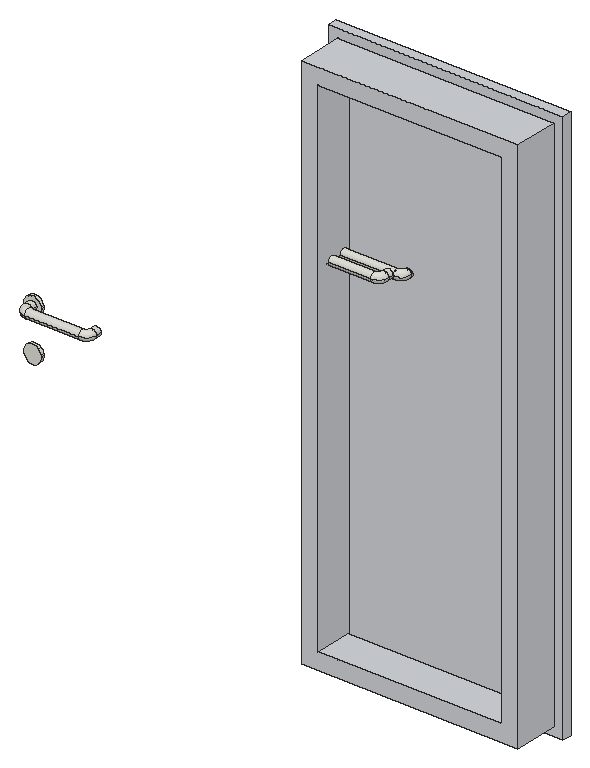
Revit family "0026_M_DR_W_FSD3", category 문, Revit 2026
Family settings
  호스트 = 벽
  항상 수직 = 예
  로드될 때 보이드를 사용하여 절단 = 아니오
  공유 = 아니오
  룸 계산 점 = 아니오
Parameters
  프레임 투영 외부 = 25 mm
  프레임 투영 내부 = 25 mm
  프레임 폭 = 25 mm
  창호부호 = "FSD"
  문틀재료 = "1.6 ST'L EGI PL\r\nTHK 1.2 ST'L EGI PL  양면\r\n"
  문틀마감 = "조합페인트"
  문짝재료 = "1.2mm ST'L EGI PL  양면\r\nTHK 1.2 ST'L EGI PL  양면\r\nTHK 1.2 ST'L EGI PL  양면\r\n"
  문짝마감 = "정전분체도장"
  문번호 = "3"
  높이 = 1500 mm
  벽 마무리 = 호스트별
  폭 = 600 mm
  Function = (empty or 0)
  Assembly Code = ""
Reference planes
  plane 1: y = 0
  plane 2 "중심(왼쪽/오른쪽)": x = 0
  plane 3 "왼쪽": x = -300
  plane 4 "오른쪽": x = 300
  plane 5: z = 1500
  plane 6 "외부": y = 95
  plane 7 "내부": y = -95
  plane 8 "축": x = -190
  plane 9: z = 940
  plane 10: y = 75
  plane 11: y = -75
Forms (mm)
  Extrusion 1, solid
    sketch origin (-3050, 95, 0) x (-1, 0, 0) y (0, 0, 1)
      loop
        line (-2750, 0) -> (-2750, 1500) -> (-3350, 1500) -> (-3350, 0) -> (-2750, 0)
      loop
        line (-2725, -25) -> (-2725, 1525) -> (-3375, 1525) -> (-3375, -25) -> (-2725, -25)
    from 0 to 25
  Sweep 2, solid
    path origin (0, -95, 0) x (1, 0, 0) y (0, 0, 1)
      loop
        line (-300, 0) -> (300, 0) -> (300, 1500) -> (-300, 1500) -> (-300, 0)
    profile origin (-300, -95, 750) x (-1, 0, 0) y (0, -1, 0)
      loop
        line (0, -65) -> (-45, -65) -> (-45, -170) -> (-30, -170) -> (-30, -215) -> (0, -215) -> (0, -65)
  Extrusion 3, solid
    sketch origin (0, 0, 0) x (1, 0, 0) y (0, 1, 0)
      loop
        line (-270, 75) -> (270, 75) -> (270, 115) -> (-270, 115) -> (-270, 75)
    from 0 to 1470
  Revolve 4, solid
    sketch origin (-190, 20, 0) x (0, -1, 0) y (0, 0, 1)
      loop
        arc (-114.576, 952.903) -> (-149.211, 974.937) -> (-180.957, 948.912) r 35
        line (-180.957, 948.912) -> (-177.421, 945.376) -> (-177.421, 940) -> (-75, 940) -> (-75, 952.903) -> (-114.576, 952.903)
      axis (-75, 940) -> (-180.957, 940)
    angle from 0 to 360
Lines and regions (mm)
  Opening 1
    outline origin (-3050, -95, 0) x (1, 0, 0) y (0, 0, 1)
      loop
        line (2750, 0) -> (3350, 0) -> (3350, 1500) -> (2750, 1500) -> (2750, 0)
  symbolic lines, style "입면도 스윙"
    curve 1: line (300, -95, 750) -> (-300, -95, 1500)
    curve 2: line (-300, 95, 0) -> (300, 95, 750)
  symbolic lines, style "Doors"
    curve 3: line (-236.819, 250.802, 0) -> (270, 115, 0)
    curve 4: line (-247.172, 212.165, 0) -> (-236.819, 250.802, 0)
    curve 5: line (259.647, 76.363, 0) -> (-247.172, 212.165, 0)
    curve 6: line (270, 115, 0) -> (259.647, 76.363, 0)
    curve 7: arc (-270.965, 120, 0) -> (-261.743, 166.773, 0) -> (-247.172, 212.165, 0) r 411.396
Text (mm)
  text "Exterior" at (-2295.016, 1099.543, 0), in view "참조 레벨"
  text "Exterior" at (0, 1615.38, 3698.081), in view "왼쪽"
  text "Exterior" at (0, 1036.032, 3874.932), in view "오른쪽"
Dimensions and locks
  equal spacing: plane 3 "왼쪽", plane 2 "중심(왼쪽/오른쪽)", plane 4 "오른쪽"
  "폭": plane 3 "왼쪽" to plane 4 "오른쪽"
  "높이": plane 5 to host wall
  host wall to plane 5 = 1500 mm  (x2)
  "프레임 투영 외부": Extrusion 1 to Extrusion 1
  "프레임 폭": plane 4 "오른쪽" to Extrusion 1 sketch curve
  "프레임 폭": plane 3 "왼쪽" to Extrusion 1 sketch curve
  "프레임 폭": plane 5 to Extrusion 1 sketch curve
  locked: plane 6 "외부" to host wall at 0
  locked: plane 7 "내부" to host wall
  locked: plane 3 "왼쪽" to plane 8 "축" at 110
  "프레임 폭": Extrusion 1 sketch curve to Extrusion 3
  aligned and locked: plane 3 "왼쪽" to Opening 1 sketch curve
  aligned and locked: plane 5 to Opening 1 sketch curve  (x2)
  aligned and locked: Opening 1 sketch curve to plane 4 "오른쪽"
  aligned and locked: Opening 1 sketch curve to level
  aligned and locked: plane 3 "왼쪽" to Extrusion 1 sketch curve
  aligned and locked: plane 5 to Extrusion 1 sketch curve  (x2)
  aligned and locked: plane 5 to curve 1
  aligned and locked: plane 1 to host wall
  aligned and locked: Extrusion 3 sketch curve to Sweep 2  (x2)
  aligned and locked: Extrusion 3 to Sweep 2
  aligned and locked: Sweep 2 sketch curve to plane 5
  aligned and locked: Sweep 2 sketch curve to plane 4 "오른쪽"
  aligned and locked: plane 3 "왼쪽" to Sweep 2 sketch curve
Automatic sketch dimensions
  Extrusion 3 sketch curve to host wall = 20 mm
  host wall to Extrusion 3 sketch curve = 20 mm
  Extrusion 1 sketch curve to level = 0 mm
  Extrusion 1 sketch curve to plane 4 "오른쪽" = 0 mm
  curve 2 to level = 0 mm
  curve 2 to plane 3 "왼쪽" = 0 mm
  curve 1 to plane 3 "왼쪽" = 0 mm
  curve 2 to plane 4 "오른쪽" = 0 mm
  curve 2 to curve 1 = 0 mm
  curve 1 to plane 4 "오른쪽" = 0 mm
  level to curve 2 = 750 mm
  Sweep 2 sketch curve to level = 0 mm
  Sweep 2 sketch curve to profile plane = 0 mm
  Sweep 2 sketch curve to Sweep 2 sketch curve = 30 mm
  Sweep 2 sketch curve to Sweep 2 sketch curve = 45 mm  (x2)
  Sweep 2 sketch curve to plane 7 "내부" = 215 mm
  Sweep 2 sketch curve to plane 7 "내부" = 65 mm
  Revolve 4 sketch curve to plane 9 = 0 mm  (x3)
  Revolve 4 sketch curve to host wall = 0 mm
  host wall to Revolve 4 sketch curve = 39.576 mm
  Revolve 4 sketch curve to Revolve 4 sketch curve = 5.424 mm
  Revolve 4 sketch curve to Revolve 4 sketch curve = 27.11 mm
  Revolve 4 sketch curve to Revolve 4 sketch curve = 30.311 mm
  Revolve 4 sketch curve to Revolve 4 sketch curve = 3.536 mm  (x2)
  Revolve 4 sketch curve to Revolve 4 sketch curve = 40.677 mm
  Revolve 4 sketch curve to plane 9 = 12.903 mm
  curve 7 to plane 3 "왼쪽" = 29.035 mm
  curve 5 to plane 3 "왼쪽" = 52.828 mm
  curve 4 to curve 4 = 10.353 mm
  curve 7 to plane 10 = 11.062 mm
  plane 2 "중심(왼쪽/오른쪽)" to curve 7 = 136.594 mm
  plane 10 to curve 6 = 1.363 mm
  plane 4 "오른쪽" to curve 6 = 40.353 mm
  curve 6 to curve 3 = 38.637 mm
Nested families
  nested 1: "KO_Door Handle" at (-270, 95, 0), type "KO_Door Handle"
  nested 2: "KO_Door Handle" at (-300, 55, 0), type "KO_Door Handle"
  nested 3: "KO_Door Handle" at (-635, -540, 0), type "KO_Door Handle"
Definition of nested family "KO_Door Handle"
  Parameters
    Default Elevation = 0 mm
  Reference planes
    plane 1 "중심(앞/뒤)": y = 0
    plane 2: z = 0
    plane 3 "중심(왼쪽/오른쪽)": x = 0
    plane 4 "하드웨어": z = 1000
  Forms (mm)
    Sweep 1, solid, detail levels fine
      path origin (0, 0, 1000) x (0, -1, 0) y (1, 0, 0)
        loop
          line (0, 0) -> (25, 0)
          arc (25, 0) -> (35.607, 4.393) -> (40, 15) r 15
          line (40, 15) -> (40, 165)
          arc (40, 165) -> (35.607, 175.607) -> (25, 180) r 15
          line (25, 180) -> (10, 180)
      profile origin (0, -12.5, 0) x (1, 0, 0) y (0, 0, 1)
        loop
          circle (0, 1000) r 12
    Extrusion 2, solid, detail levels fine
      sketch origin (0, 0, 0) x (1, 0, 0) y (0, 0, 1)
        loop
          circle (1.5, 1000) r 25
      from 0 to 8
    Extrusion 3, solid, detail levels fine
      sketch origin (0, 0, -120) x (1, 0, 0) y (0, 0, 1)
        loop
          circle (1.5, 1000) r 25
      from 0 to 8
  Cuts and joins
    joined: Sweep 1, Extrusion 2
  Dimensions and locks
    locked: plane 4 "하드웨어" to plane 2 at 1000
    locked: plane 4 "하드웨어" to Extrusion 3 at 120
